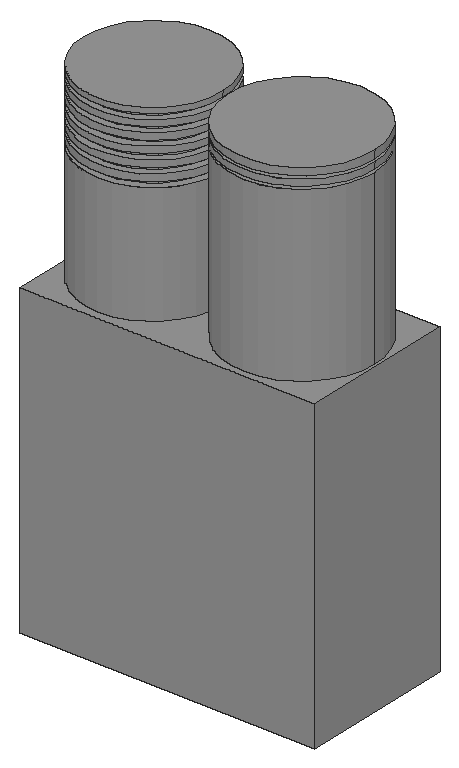
Revit family "AM 900 Roofcap", category Mechanical Equipment, Revit 2019
Family settings
  Round Connector Dimension = Use Diameter
  Part Type = Normal
  OmniClass Number = 23.75.00.00
  OmniClass Title = Climate Control (HVAC)
  Work Plane-Based = No
  Always vertical = Yes
  Cut with Voids When Loaded = No
  Shared = No
  Room Calculation Point = No
Parameters
  URL = "https://www.airmaster-as.com/en/products/accessories/roof-caps-and-covers/"
  Model = "Roofcap"
  Manufacturer = "Airmaster A/S"
  Description = "Roofcap for AM 900 Vertical"
Reference planes
  plane 1 "Center (Front/Back)": y = 0
  plane 2: z = 0
  plane 3 "Center (Left/Right)": x = 0
Forms (mm)
  Extrusion 1, solid, material "Galv. Steel"
    sketch origin (0, 0, 0) x (1, 0, 0) y (0, 1, 0)
      loop
        line (-477.015, 251.806) -> (-477.015, -251.806) -> (477.015, -251.806) -> (477.015, 251.806) -> (-477.015, 251.806)
    from 0 to 1000
  Extrusion 2, solid, material "Galv. Steel"
    sketch origin (0, 0, 0) x (1, 0, 0) y (0, 1, 0)
      loop
        circle (-211.015, 0) r 157.5
    from 0 to -62.5
  Extrusion 3, solid, material "Galv. Steel"
    sketch origin (418, 0, 0) x (1, 0, 0) y (0, 1, 0)
      loop
        circle (-211.015, 0) r 157.5
    from 0 to -62.5
  Extrusion 4, solid, material "Galv. Steel"
    sketch origin (0, 0, 1000) x (1, 0, 0) y (0, 1, 0)
      loop
        circle (-246.265, -0.444) r 225
      loop
        circle (233.265, -0.056) r 235
    from 0 to 620
  Extrusion 5, void
    sketch origin (0, 0, 1620) x (0, 1, 0) y (1, 0, 0)
      loop
        circle (-0.444, -246.265) r 225
      loop
        circle (-0.444, -246.265) r 200
    from 36 to 18
  Extrusion 6, void
    sketch origin (0, 0, 1582.854) x (0, 1, 0) y (1, 0, 0)
      loop
        circle (-0.444, -246.265) r 225
      loop
        circle (-0.444, -246.265) r 200
    from 36 to 18
  Extrusion 7, void
    sketch origin (0, 0, 1543.546) x (0, 1, 0) y (1, 0, 0)
      loop
        circle (-0.444, -246.265) r 225
      loop
        circle (-0.444, -246.265) r 200
    from 36 to 18
  Extrusion 8, void
    sketch origin (0, 0, 1503.546) x (0, 1, 0) y (1, 0, 0)
      loop
        circle (-0.444, -246.265) r 225
      loop
        circle (-0.444, -246.265) r 200
    from 36 to 18
  Extrusion 9, void
    sketch origin (0, 0, 1463.546) x (0, 1, 0) y (1, 0, 0)
      loop
        circle (-0.444, -246.265) r 225
      loop
        circle (-0.444, -246.265) r 200
    from 36 to 18
  Extrusion 10, void
    sketch origin (0, 0, 1423.546) x (0, 1, 0) y (1, 0, 0)
      loop
        circle (-0.444, -246.265) r 225
      loop
        circle (-0.444, -246.265) r 200
    from 36 to 18
  Extrusion 11, void
    sketch origin (480, 0, 1620) x (0, 1, 0) y (1, 0, 0)
      loop
        circle (0.444, -246.735) r 200
      loop
        circle (-0.056, -246.735) r 235
    from 34 to 24
  Extrusion 12, void
    sketch origin (480, 0, 1590) x (0, 1, 0) y (1, 0, 0)
      loop
        circle (-0.444, -246.265) r 200
      loop
        circle (-0.944, -246.265) r 235
    from 34 to 24
Cuts and joins
  Extrusion 5, Extrusion 6, Extrusion 7, Extrusion 8, Extrusion 9, Extrusion 10, Extrusion 11, Extrusion 12 cuts Extrusion 4
Dimensions and locks
  Extrusion 1 to Extrusion 2 sketch curve = 266 mm
  equal spacing: Extrusion 1, plane 3 "Center (Left/Right)", Extrusion 1
  equal spacing: Extrusion 1, plane 1 "Center (Front/Back)", Extrusion 1
  aligned and locked: level to plane 2
Automatic sketch dimensions
  Extrusion 1 sketch curve to plane 3 "Center (Left/Right)" = 477.015 mm
  plane 3 "Center (Left/Right)" to Extrusion 1 sketch curve = 477.015 mm
  plane 1 "Center (Front/Back)" to Extrusion 1 sketch curve = 251.806 mm
  Extrusion 1 sketch curve to plane 1 "Center (Front/Back)" = 251.806 mm
  plane 1 "Center (Front/Back)" to Extrusion 2 sketch curve = 0 mm
  plane 1 "Center (Front/Back)" to Extrusion 3 sketch curve = 0 mm
  plane 3 "Center (Left/Right)" to Extrusion 3 sketch curve = 206.985 mm
  Extrusion 4 sketch curve to Extrusion 1 = 230.75 mm
  Extrusion 4 sketch curve to Extrusion 1 = 243.75 mm
  Extrusion 4 sketch curve to Extrusion 1 = 251.75 mm
  Extrusion 4 sketch curve to Extrusion 1 = 252.25 mm
  Extrusion 6 sketch curve to Extrusion 6 sketch curve = 0 mm  (x12)
  plane 1 "Center (Front/Back)" to Extrusion 6 sketch curve = 0.444 mm
  Extrusion 6 sketch curve to plane 3 "Center (Left/Right)" = 246.265 mm
  Extrusion 6 sketch curve to plane 3 "Center (Left/Right)" = 46.265 mm
  Extrusion 6 sketch curve to plane 3 "Center (Left/Right)" = 21.265 mm
  Extrusion 7 sketch curve to Extrusion 7 sketch curve = 0 mm  (x12)
  plane 1 "Center (Front/Back)" to Extrusion 7 sketch curve = 0.444 mm
  Extrusion 7 sketch curve to plane 3 "Center (Left/Right)" = 246.265 mm
  Extrusion 7 sketch curve to plane 3 "Center (Left/Right)" = 46.265 mm
  Extrusion 7 sketch curve to plane 3 "Center (Left/Right)" = 21.265 mm
  Extrusion 8 sketch curve to Extrusion 8 sketch curve = 0 mm  (x12)
  plane 1 "Center (Front/Back)" to Extrusion 8 sketch curve = 0.444 mm
  Extrusion 8 sketch curve to plane 3 "Center (Left/Right)" = 246.265 mm
  Extrusion 8 sketch curve to plane 3 "Center (Left/Right)" = 46.265 mm
  Extrusion 8 sketch curve to plane 3 "Center (Left/Right)" = 21.265 mm
  Extrusion 9 sketch curve to Extrusion 9 sketch curve = 0 mm  (x12)
  plane 1 "Center (Front/Back)" to Extrusion 9 sketch curve = 0.444 mm
  Extrusion 9 sketch curve to plane 3 "Center (Left/Right)" = 246.265 mm
  Extrusion 9 sketch curve to plane 3 "Center (Left/Right)" = 46.265 mm
  Extrusion 9 sketch curve to plane 3 "Center (Left/Right)" = 21.265 mm
  Extrusion 10 sketch curve to Extrusion 10 sketch curve = 0 mm  (x12)
  plane 1 "Center (Front/Back)" to Extrusion 10 sketch curve = 0.444 mm
  Extrusion 10 sketch curve to plane 3 "Center (Left/Right)" = 246.265 mm
  Extrusion 10 sketch curve to plane 3 "Center (Left/Right)" = 46.265 mm
  Extrusion 10 sketch curve to plane 3 "Center (Left/Right)" = 21.265 mm
  Extrusion 11 sketch curve to Extrusion 11 sketch curve = 0 mm  (x3)
  Extrusion 11 sketch curve to Extrusion 11 sketch curve = 0.5 mm
  Extrusion 11 sketch curve to Extrusion 11 sketch curve = 35 mm
  Extrusion 12 sketch curve to Extrusion 12 sketch curve = 0 mm  (x5)
  plane 1 "Center (Front/Back)" to Extrusion 12 sketch curve = 0.944 mm
  plane 1 "Center (Front/Back)" to Extrusion 12 sketch curve = 0.444 mm
  plane 3 "Center (Left/Right)" to Extrusion 12 sketch curve = 233.735 mm
  Extrusion 12 sketch curve to Extrusion 12 sketch curve = 200 mm
  Extrusion 12 sketch curve to Extrusion 12 sketch curve = 35 mm
  radius of Extrusion 2 sketch curve = 157.5 mm
  radius of Extrusion 3 sketch curve = 157.5 mm
  radius of Extrusion 4 sketch curve = 225 mm
  radius of Extrusion 4 sketch curve = 235 mm
  radius of Extrusion 5 sketch curve to Extrusion 4 = 0 mm
  radius of Extrusion 5 sketch curve to Extrusion 4 = 25 mm
  radius of Extrusion 11 sketch curve to Extrusion 4 = 0 mm
Connectors
  hvac at (-211.015, 0, 0)
    settings: on Extrusion 2, index 1, duct flow 0.0 L/s, flow factor 0, pres drop 0.0 Pa, loss coef 0, conn angle 0.00°, conn width 304.8 mm, conn height 304.8 mm, conn diameter 315 mm, duct sys type 3, conn prof type 0, flow config 0, flow direction 1, loss method 0, conn ref index -1, conn util no, is conn primary yes, conn desc ""
  hvac at (206.985, 0, 0)
    settings: on Extrusion 3, index 2, duct flow 0.0 L/s, flow factor 0, pres drop 0.0 Pa, loss coef 0, conn angle 0.00°, conn width 304.8 mm, conn height 304.8 mm, conn diameter 315 mm, duct sys type 1, conn prof type 0, flow config 0, flow direction 1, loss method 0, conn ref index -1, conn util no, is conn primary no, conn desc ""
